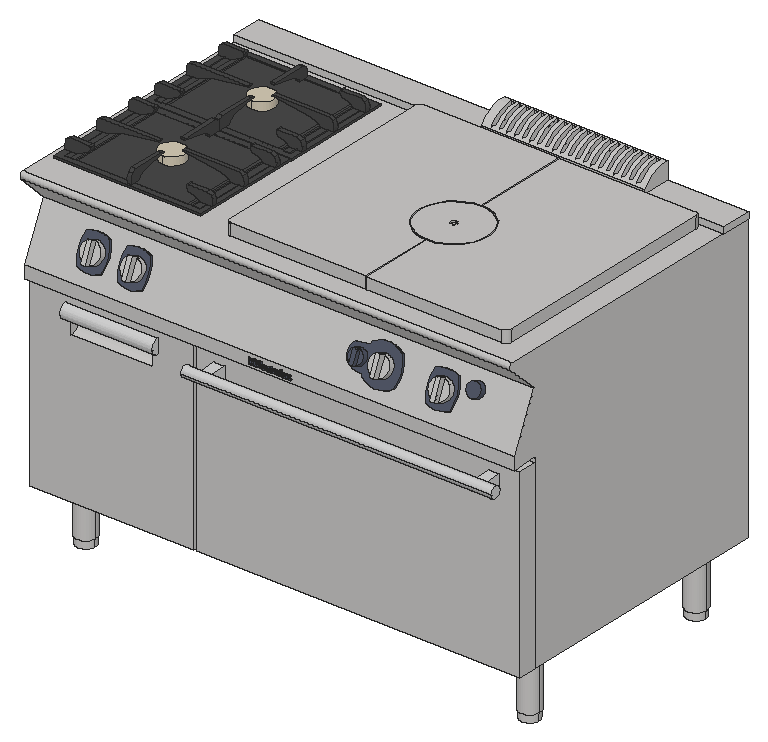
Revit family "QF_ELECTROLUXPROFESSIONAL_371010_E7STGL3010", category Specialty Equipment, Revit 2018
Family settings
  Round Connector Dimension = Use Diameter
  Part Type = Normal
  Work Plane-Based = No
  Always vertical = Yes
  Cut with Voids When Loaded = No
  Shared = No
  Room Calculation Point = No
Parameters
  Width = 1200 mm  # constant formula
  Weight in Pounds = 309  # constant formula
  Watts = 0 W
  URL Cutsheet = "www.electrolux.com"
  URL = "www.electrolux.com"
  Type Mark [instance] = ""
  Status [instance] = ""
  Specification by User [instance] = ""
  Specification by Manufacturer = ""
  Show Logo [instance] = yes
  Show Clearance [instance] = yes
  Serial Number = ""
  Seismic Rating = ""
  SMACNA No = ""
  Revision Code [instance] = ""
  Omniclass Number and Title = ""
  NAFEM Spec ID Number = ""
  Model = "371010"
  Mechanical Remarks [instance] = ""
  Mechanical Connection Type [instance] = ""
  Masterspec = ""
  Manufacturer = "ELECTROLUX"
  Item Number [instance] = ""
  Installed By [instance] = ""
  Identify Quantity as Lot [instance] = yes
  Height = 908.9 mm  # constant formula
  HP = "0 HP"
  Gas Size = 12.7 mm  # 1/2"
  Gas RI Height [instance] = 0 mm
  Gas KW [instance] = 24  # constant formula
  Gas Input [instance] = 23977.9 VA  # 81816.0 Btu/h
  Gas Connection Height = 0 mm
  Furnished By [instance] = ""
  Foodservice Equipment Identifier [instance] = yes
  Direct Waste Size = 0"
  Description = "700XP Gas Solid Top -Gas Oven -2 Burners -Cupboard"
  Depth = 700 mm  # constant formula
  CSI MasterFormat = ""
  CSI Master Format = ""
  Assembly Code = ""
Reference planes
  plane 1 "BACK": y = 0
  plane 2: z = 0
  plane 3 "LEFT": x = 0
  plane 4 "RIGHT": x = 1200
  plane 5 "FRONT": y = -700
  plane 6 "TOP": z = 908.9
  plane 7 "Center Y": x = 600
  plane 8 "Center X": y = -350
  plane 9 "Base": z = 150
  plane 10: z = 850.9
  plane 11: y = -730.129
  plane 12: y = -1109
Forms (mm)
  Revolve 1, solid, material "QF_Finishes_Stainless Steel"
    sketch origin (1, -90, 0) x (1, 0, 0) y (0, 0, 1)
      loop
        line (55, 0) -> (55, 150) -> (29.6, 150) -> (29.6, 19.05) -> (32.1, 19.05) -> (32.1, 0) -> (55, 0)
      axis (55, 0) -> (55, 150)
    angle from 0 to 360
  Revolve 2, solid, material "QF_Finishes_Stainless Steel"
    sketch origin (1, -599.588, 0) x (1, 0, 0) y (0, 0, 1)
      loop
        line (55, 0) -> (55, 150) -> (29.6, 150) -> (29.6, 19.05) -> (32.1, 19.05) -> (32.1, 0) -> (55, 0)
      axis (55, 0) -> (55, 150)
    angle from 0 to 360
  Revolve 3, solid, material "QF_Finishes_Stainless Steel"
    sketch origin (799, -90, 0) x (-1, 0, 0) y (0, 0, -1)
      loop
        line (-345, 0) -> (-367.9, 0) -> (-367.9, -19.05) -> (-370.4, -19.05) -> (-370.4, -150) -> (-345, -150) -> (-345, 0)
      axis (-345, 0) -> (-345, -150)
    angle from 0 to 360
  Revolve 4, solid, material "QF_Finishes_Stainless Steel"
    sketch origin (799, -599.588, 0) x (-1, 0, 0) y (0, 0, -1)
      loop
        line (-345, 0) -> (-367.9, 0) -> (-367.9, -19.05) -> (-370.4, -19.05) -> (-370.4, -150) -> (-345, -150) -> (-345, 0)
      axis (-345, 0) -> (-345, -150)
    angle from 0 to 360
  Extrusion 5, solid, material "QF_Finishes_Stainless Steel"
    sketch origin (0, 0, 576.213) x (0, 1, 0) y (0, 0, 1)
      loop
        line (0, -426.213) -> (0, 274.687) -> (-721.5, 274.687)
        arc (-721.5, 274.687) -> (-729.472, 269.36) -> (-727.602, 259.956) r 8.63
        line (-727.602, 259.956) -> (-658.266, 190.62) -> (-715.962, 65.264) -> (-715.962, 33.966) -> (-655.839, 38.662)
        arc (-655.839, 38.662) -> (-653.314, 37.914) -> (-652.222, 35.518) r 3.175
        line (-652.222, 35.518) -> (-652.222, -426.213) -> (0, -426.213)
    from 0 to 1200
  Extrusion 6, solid, material "QF_Finishes_Stainless Steel"
    sketch origin (0, -652.222, 611.731) x (0, 0, -1) y (1, 0, 0)
      loop
        line (461.731, 408.5) -> (461.731, 1200) -> (9.61, 1200) -> (9.61, 408.5) -> (461.731, 408.5)
      loop
        line (461.731, 0) -> (461.731, 400.5) -> (9.61, 400.5) -> (9.61, 0) -> (461.731, 0)
      loop
        line (95.781, 100.253) -> (95.781, 300.8) -> (44.981, 300.8) -> (44.981, 100.253) -> (95.781, 100.253)
    from 3.175 to 47.778
  Extrusion 7, solid, material "QF_Finishes_Stainless Steel"
    sketch origin (0, 0, 576.213) x (0, 1, 0) y (0, 0, 1)
      loop
        line (0, 274.687) -> (0, 288.975) -> (-76.2, 288.975) -> (-76.2, 274.687) -> (0, 274.687)
    from 0 to 1200
  Extrusion 8, solid, material "QF_Finishes_Stainless Steel"
    sketch origin (0, 0, 150) x (-1, 0, 0) y (0, -1, 0)
      loop
        circle (-1147.613, 464) r 6.35
    from -8.815 to 7.722
  Extrusion 9, solid, material "QF_Finishes_Door Clearance", visible <- "Show Clearance", detail levels coarse
    sketch origin (0, 0, 0) x (0, 1, 0) y (0, 0, 1)
      loop
        line (-1109, 150) -> (-700, 150) -> (-700, 601.405)
        arc (-700, 601.405) -> (-991.543, 454.568) -> (-1109, 150) r 453.603
    from 0 to 1200
  Extrusion 10, solid, material "QF_Finishes_Clearance", visible <- "Show Clearance", detail levels coarse
    sketch origin (0, 0, 0) x (1, 0, 0) y (0, 1, 0)
      loop
        line (-150, -730.129) -> (0, -730.129) -> (0, 0) -> (1200, 0) -> (1200, -730.129) -> (1350, -730.129) -> (1350, 150) -> (-150, 150) -> (-150, -730.129)
    from 0 to 908.85
  Extrusion 11, solid, material "QF_Finishes_Handrails and Railings"
    sketch origin (400, 0, 0) x (0, 1, 0) y (0, 0, 1)
      loop
        line (-700, 580.001) -> (-738.678, 577.296)
        arc (-738.678, 577.296) -> (-739.871, 563.489) -> (-752.981, 558.993) r 12.7
        arc (-752.981, 558.993) -> (-752.44, 558.176) -> (-751.841, 557.401) r 13.441
        arc (-751.841, 557.401) -> (-750.036, 555.955) -> (-747.808, 555.335) r 5.77
        line (-747.808, 555.335) -> (-700, 551.992) -> (-700, 580.001)
    from 50.8 to 76.2
  Extrusion 12, solid, material "QF_Finishes_Handrails and Railings"
    sketch origin (1200, 0, 0) x (0, 1, 0) y (0, 0, -1)
      loop
        line (-700, -580.001) -> (-700, -551.992) -> (-747.808, -555.335)
        arc (-747.808, -555.335) -> (-750.036, -555.955) -> (-751.841, -557.401) r 5.77
        arc (-751.841, -557.401) -> (-752.44, -558.176) -> (-752.981, -558.993) r 13.441
        arc (-752.981, -558.993) -> (-739.871, -563.489) -> (-738.678, -577.296) r 12.7
        line (-738.678, -577.296) -> (-700, -580.001)
    from 50.8 to 76.2
  Extrusion 13, solid, material "QF_Finishes_Handrails and Railings"
    sketch origin (400, 0, 0) x (0, 1, 0) y (0, 0, 1)
      loop
        circle (-749.878, 571.309) r 12.7
    from 19.875 to 780.125
  Extrusion 14, solid, material "QF_Finishes_Handrails and Railings"
    sketch origin (177.525, -443.896, 1933.213) x (0, 0.885087, 0.465426) y (0, -0.465426, 0.885087)
      loop
        arc (-854.629, -1074.965) -> (-878.641, -1082.427) -> (-871.18, -1106.439) r 17.78
        line (-871.18, -1106.439) -> (-854.629, -1074.965)
    from -89.972 to 135.975
  Extrusion 15, solid, material "QF_Finishes_Stainless Steel"
    sketch origin (-22.5, 0, 28.959) x (0, 1, 0) y (0, 0, 1)
      loop
        line (-700, 486.991) -> (-657.087, 486.991) -> (-657.087, 537.791) -> (-678.147, 537.791) -> (-678.147, 511.464)
        arc (-678.147, 511.464) -> (-684.405, 495.059) -> (-700, 486.991) r 24.63
    from 122.753 to 323.3
  Extrusion 16, solid, material "QF_Finishes_Stainless Steel"
    sketch origin (402.6, 0, 850.85) x (0, -1, 0) y (1, 0, 0)
      loop
        arc (82.3, 67.7) -> (86.02, 58.72) -> (95, 55) r 12.7
        line (95, 55) -> (659.6, 55)
        arc (659.6, 55) -> (668.58, 58.72) -> (672.3, 67.7) r 12.7
        line (672.3, 67.7) -> (672.3, 398.413) -> (490.475, 398.413)
        arc (490.475, 398.413) -> (404.92, 314.787) -> (319.519, 398.571) r 85.497
        line (319.519, 398.571) -> (82.3, 398.571) -> (82.3, 67.7)
      loop
        arc (672.3, 732.3) -> (668.58, 741.28) -> (659.6, 745) r 12.7
        line (659.6, 745) -> (95, 745)
        arc (95, 745) -> (86.02, 741.28) -> (82.3, 732.3) r 12.7
        line (82.3, 732.3) -> (82.3, 401.528) -> (319.513, 401.528)
        arc (319.513, 401.528) -> (405.24, 485.459) -> (490.492, 401.047) r 85.5
        line (490.492, 401.047) -> (672.3, 401.047) -> (672.3, 732.3)
      loop
        circle (405, 400) r 82.6
      loop
        circle (405, 400) r 7
    from 0 to 28.575
  Extrusion 17, solid, material "QF_Finishes_Stainless Steel"
    sketch origin (402.6, 0, 850.85) x (0, -1, 0) y (1, 0, 0)
      loop
        circle (405, 400) r 7
    from 0 to 26.981
  Extrusion 18, solid, material "QF_Finishes_Navy Blue"
    sketch origin (462.744, -713.772, 646.186) x (0, 0.418102, 0.9084) y (-1, 0, 0)
      loop
        arc (102.623, -510.47) -> (67.041, -502.846) -> (31.333, -509.853) r 90.5
        arc (31.333, -509.853) -> (24.507, -539.04) -> (31.333, -568.228) r 65.817
        arc (31.333, -568.228) -> (67.04, -575.188) -> (102.623, -567.615) r 91.066
        arc (102.623, -567.615) -> (109.179, -539.043) -> (102.623, -510.47) r 65.546
    from 0 to 3.175
  Extrusion 19, solid, material "QF_Finishes_Stainless Steel"
    sketch origin (841.494, -717.485, 645.711) x (0, 0.418102, 0.9084) y (-1, 0, 0)
      loop
        circle (68.826, -160.963) r 25.4
    from 0 to 12.7
  Extrusion 20, solid, material "QF_Finishes_Stainless Steel"
    sketch origin (841.494, -729.022, 651.021) x (0, 0.418102, 0.9084) y (-1, 0, 0)
      loop
        arc (93.558, -166.749) -> (94.226, -160.963) -> (93.558, -155.177) r 25.4
        line (93.558, -155.177) -> (44.094, -155.177)
        arc (44.094, -155.177) -> (43.426, -160.963) -> (44.094, -166.749) r 25.4
        line (44.094, -166.749) -> (93.558, -166.749)
    from 0 to 12.7
  Extrusion 21, solid, material "QF_Finishes_Navy Blue"
    sketch origin (762.014, -703.319, 668.896) x (0, 0.418102, 0.9084) y (-1, 0, 0)
      loop
        circle (65.471, -315.169) r 17.78
    from 0 to 12.7
  Extrusion 22, solid, material "QF_Finishes_Navy Blue"
    sketch origin (315.287, -713.772, 646.186) x (0, 0.418102, 0.9084) y (-1, 0, 0)
      loop
        arc (104.355, -502.587) -> (101.326, -501.258) -> (98.25, -500.039) r 91.066
        arc (98.25, -500.039) -> (96.592, -482.449) -> (93.213, -465.107) r 179.528
        arc (93.213, -465.107) -> (69.244, -452.795) -> (45.274, -465.107) r 29.489
        arc (45.274, -465.107) -> (38.909, -481.441) -> (37.449, -498.912) r 61.044
        arc (37.449, -498.912) -> (34.471, -499.962) -> (31.532, -501.116) r 91.066
        arc (31.532, -501.116) -> (19.517, -540.223) -> (32.929, -578.873) r 65.817
        arc (32.929, -578.873) -> (68.105, -585.173) -> (102.996, -577.452) r 91.066
        arc (102.996, -577.452) -> (115.418, -540.233) -> (104.355, -502.587) r 65.546
    from 0 to 3.175
  Extrusion 23, solid, material "QF_Finishes_Stainless Steel"
    sketch origin (694.037, -717.485, 645.711) x (0, 0.418102, 0.9084) y (-1, 0, 0)
      loop
        circle (68.826, -160.963) r 25.4
    from 0 to 12.7
  Extrusion 24, solid, material "QF_Finishes_Stainless Steel"
    sketch origin (694.037, -729.022, 651.021) x (0, 0.418102, 0.9084) y (-1, 0, 0)
      loop
        arc (93.558, -166.749) -> (94.226, -160.963) -> (93.558, -155.177) r 25.4
        line (93.558, -155.177) -> (44.094, -155.177)
        arc (44.094, -155.177) -> (43.426, -160.963) -> (44.094, -166.749) r 25.4
        line (44.094, -166.749) -> (93.558, -166.749)
    from 0 to 12.7
  Extrusion 25, solid, material "QF_Finishes_Navy Blue"
    sketch origin (636.537, -717.485, 645.711) x (0, 0.418102, 0.9084) y (-1, 0, 0)
      loop
        circle (68.826, -160.963) r 18.37
    from 0 to 12.7
  Extrusion 26, solid, material "QF_Finishes_Navy Blue"
    sketch origin (635.246, -729.022, 651.021) x (0, 0.418102, 0.9084) y (-1, 0, 0)
      loop
        arc (84.808, -167.687) -> (85.476, -161.901) -> (84.808, -156.114) r 25.4
        line (84.808, -156.114) -> (52.844, -156.114)
        arc (52.844, -156.114) -> (52.176, -161.901) -> (52.844, -167.687) r 25.4
        line (52.844, -167.687) -> (84.808, -167.687)
    from 0 to 8.112
  Extrusion 27, solid, material "QF_Finishes_Navy Blue"
    sketch origin (-392.256, -713.772, 646.186) x (0, 0.418102, 0.9084) y (-1, 0, 0)
      loop
        arc (102.623, -510.47) -> (67.041, -502.846) -> (31.333, -509.853) r 90.5
        arc (31.333, -509.853) -> (24.507, -539.04) -> (31.333, -568.228) r 65.817
        arc (31.333, -568.228) -> (67.04, -575.188) -> (102.623, -567.615) r 91.066
        arc (102.623, -567.615) -> (109.179, -539.043) -> (102.623, -510.47) r 65.546
    from 0 to 3.175
  Extrusion 28, solid, material "QF_Finishes_Stainless Steel"
    sketch origin (-13.506, -717.485, 645.711) x (0, 0.418102, 0.9084) y (-1, 0, 0)
      loop
        circle (68.826, -160.963) r 25.4
    from 0 to 12.7
  Extrusion 29, solid, material "QF_Finishes_Stainless Steel"
    sketch origin (-13.506, -729.022, 651.021) x (0, 0.418102, 0.9084) y (-1, 0, 0)
      loop
        arc (93.558, -166.749) -> (94.226, -160.963) -> (93.558, -155.177) r 25.4
        line (93.558, -155.177) -> (44.094, -155.177)
        arc (44.094, -155.177) -> (43.426, -160.963) -> (44.094, -166.749) r 25.4
        line (44.094, -166.749) -> (93.558, -166.749)
    from 0 to 12.7
  Extrusion 30, solid, material "QF_Finishes_Navy Blue"
    sketch origin (-292.256, -713.772, 646.186) x (0, 0.418102, 0.9084) y (-1, 0, 0)
      loop
        arc (102.623, -510.47) -> (67.041, -502.846) -> (31.333, -509.853) r 90.5
        arc (31.333, -509.853) -> (24.507, -539.04) -> (31.333, -568.228) r 65.817
        arc (31.333, -568.228) -> (67.04, -575.188) -> (102.623, -567.615) r 91.066
        arc (102.623, -567.615) -> (109.179, -539.043) -> (102.623, -510.47) r 65.546
    from 0 to 3.175
  Extrusion 31, solid, material "QF_Finishes_Stainless Steel"
    sketch origin (86.494, -717.485, 645.711) x (0, 0.418102, 0.9084) y (-1, 0, 0)
      loop
        circle (68.826, -160.963) r 25.4
    from 0 to 12.7
  Extrusion 32, solid, material "QF_Finishes_Stainless Steel"
    sketch origin (86.494, -729.022, 651.021) x (0, 0.418102, 0.9084) y (-1, 0, 0)
      loop
        arc (93.558, -166.749) -> (94.226, -160.963) -> (93.558, -155.177) r 25.4
        line (93.558, -155.177) -> (44.094, -155.177)
        arc (44.094, -155.177) -> (43.426, -160.963) -> (44.094, -166.749) r 25.4
        line (44.094, -166.749) -> (93.558, -166.749)
    from 0 to 12.7
  Extrusion 33, void
    sketch origin (-62.611, 0, 865.138) x (-1, 0, 0) y (0, -1, 0)
      loop
        line (-695.005, 6.761) -> (-685.709, 6.761) -> (-685.709, 63.911) -> (-695.005, 63.911) -> (-695.005, 6.761)
      loop
        line (-713.697, 6.761) -> (-704.401, 6.761) -> (-704.401, 63.911) -> (-713.697, 63.911) -> (-713.697, 6.761)
      loop
        line (-732.39, 6.761) -> (-723.094, 6.761) -> (-723.094, 63.911) -> (-732.39, 63.911) -> (-732.39, 6.761)
      loop
        line (-751.082, 6.761) -> (-741.787, 6.761) -> (-741.787, 63.911) -> (-751.082, 63.911) -> (-751.082, 6.761)
      loop
        line (-769.775, 6.761) -> (-760.479, 6.761) -> (-760.479, 63.911) -> (-769.775, 63.911) -> (-769.775, 6.761)
      loop
        line (-788.468, 6.761) -> (-779.172, 6.761) -> (-779.172, 63.911) -> (-788.468, 63.911) -> (-788.468, 6.761)
      loop
        line (-807.16, 6.761) -> (-797.864, 6.761) -> (-797.864, 63.911) -> (-807.16, 63.911) -> (-807.16, 6.761)
      loop
        line (-825.853, 6.761) -> (-816.557, 6.761) -> (-816.557, 63.911) -> (-825.853, 63.911) -> (-825.853, 6.761)
      loop
        line (-844.545, 6.761) -> (-835.25, 6.761) -> (-835.25, 63.911) -> (-844.545, 63.911) -> (-844.545, 6.761)
      loop
        line (-863.238, 6.761) -> (-853.942, 6.761) -> (-853.942, 63.911) -> (-863.238, 63.911) -> (-863.238, 6.761)
      loop
        line (-881.931, 6.761) -> (-872.635, 6.761) -> (-872.635, 63.911) -> (-881.931, 63.911) -> (-881.931, 6.761)
      loop
        line (-900.623, 6.761) -> (-891.328, 6.761) -> (-891.328, 63.911) -> (-900.623, 63.911) -> (-900.623, 6.761)
      loop
        line (-919.316, 6.761) -> (-910.02, 6.761) -> (-910.02, 63.911) -> (-919.316, 63.911) -> (-919.316, 6.761)
      loop
        line (-938.008, 6.761) -> (-928.713, 6.761) -> (-928.713, 63.911) -> (-938.008, 63.911) -> (-938.008, 6.761)
      loop
        line (-956.701, 6.761) -> (-947.405, 6.761) -> (-947.405, 63.911) -> (-956.701, 63.911) -> (-956.701, 6.761)
      loop
        line (-975.394, 6.761) -> (-966.098, 6.761) -> (-966.098, 63.911) -> (-975.394, 63.911) -> (-975.394, 6.761)
      loop
        line (-994.086, 6.761) -> (-984.791, 6.761) -> (-984.791, 63.911) -> (-994.086, 63.911) -> (-994.086, 6.761)
      loop
        line (-1012.779, 6.761) -> (-1003.483, 6.761) -> (-1003.483, 63.911) -> (-1012.779, 63.911) -> (-1012.779, 6.761)
      loop
        line (-1031.472, 6.761) -> (-1022.176, 6.761) -> (-1022.176, 63.911) -> (-1031.472, 63.911) -> (-1031.472, 6.761)
      loop
        line (-1050.164, 6.761) -> (-1040.868, 6.761) -> (-1040.868, 63.911) -> (-1050.164, 63.911) -> (-1050.164, 6.761)
    from 9.525 to 45.348
  Extrusion 34, solid, material "QF_Finishes_Stainless Steel"
    sketch origin (202.4, 0, 590.5) x (0, 1, 0) y (0, 0, 1)
      loop
        line (0, 274.688) -> (0, 318.4)
        arc (0, 318.4) -> (-39.072, 309.779) -> (-69.85, 284.212) r 84.854
        line (-69.85, 284.212) -> (-69.85, 274.688) -> (0, 274.688)
    from 400 to 800
  Extrusion 35, solid, material "QF_Finishes_Navy Blue", visible <- "Show Logo"
    sketch origin (261.109, -715.962, 610.773) x (0, 0, 1) y (-1, 0, 0)
      loop
        line (20.674, -296.698) -> (8.307, -296.698)
        arc (8.307, -296.698) -> (14.491, -301.27) -> (20.674, -296.698) r 6.467
      loop
        arc (20.674, -296.069) -> (19.505, -290.926) -> (14.849, -288.448) r 6.338
        line (14.849, -288.448) -> (14.849, -290.494)
        arc (14.849, -290.494) -> (16.333, -294.149) -> (19.778, -296.069) r 5.941
        line (19.778, -296.069) -> (20.674, -296.069)
      loop
        arc (9.203, -296.069) -> (12.648, -294.149) -> (14.132, -290.494) r 5.941
        line (14.132, -290.494) -> (14.132, -288.448)
        arc (14.132, -288.448) -> (9.438, -290.922) -> (8.148, -296.069) r 6.504
        line (8.148, -296.069) -> (9.203, -296.069)
      loop
        line (21.349, -287.979) -> (7.604, -287.979) -> (7.604, -301.742) -> (21.349, -301.742) -> (21.349, -287.979)
      loop
        arc (21.432, -304.71) -> (21.085, -304.352) -> (20.718, -304.69) r 0.358
        arc (20.718, -304.69) -> (20.404, -305.44) -> (19.687, -305.825) r 1.216
        line (19.687, -305.825) -> (9.274, -305.825)
        arc (9.274, -305.825) -> (8.614, -305.548) -> (8.218, -304.951) r 1.238
        arc (8.218, -304.951) -> (7.823, -304.7) -> (7.518, -305.054) r 0.358
        line (7.518, -305.054) -> (7.518, -314.933) -> (10.269, -314.933) -> (10.269, -314.036)
        arc (10.269, -314.036) -> (9.36, -313.456) -> (8.904, -312.479) r 1.928
        line (8.904, -312.479) -> (8.904, -309.98)
        arc (8.904, -309.98) -> (9.18, -309.251) -> (9.868, -308.887) r 1.101
        line (9.868, -308.887) -> (13.955, -308.887) -> (13.955, -312.561)
        arc (13.955, -312.561) -> (13.602, -313.058) -> (13.037, -313.286) r 1.083
        arc (13.037, -313.286) -> (12.773, -313.591) -> (13.065, -313.869) r 0.292
        line (13.065, -313.869) -> (16.028, -313.869)
        arc (16.028, -313.869) -> (16.33, -313.596) -> (16.092, -313.266) r 0.305
        arc (16.092, -313.266) -> (15.601, -313.018) -> (15.296, -312.561) r 1.083
        line (15.296, -312.561) -> (15.296, -308.887) -> (19.973, -308.887) -> (19.973, -312.635)
        arc (19.973, -312.635) -> (19.759, -313.39) -> (19.153, -313.888) r 1.314
        arc (19.153, -313.888) -> (18.934, -314.292) -> (19.288, -314.585) r 0.361
        line (19.288, -314.585) -> (21.432, -314.585) -> (21.432, -304.71)
      loop
        arc (20.715, -315.365) -> (20.335, -316.284) -> (19.416, -316.664) r 1.299
        line (19.416, -316.664) -> (9.837, -316.664)
        arc (9.837, -316.664) -> (8.999, -316.286) -> (8.728, -315.408) r 1.118
        line (8.728, -315.408) -> (7.518, -315.408) -> (7.518, -320.758) -> (8.706, -320.758)
        arc (8.706, -320.758) -> (8.978, -319.841) -> (9.848, -319.445) r 1.153
        line (9.848, -319.445) -> (21.92, -319.445) -> (20.715, -315.365)
      loop
        line (12.483, -323.394) -> (12.483, -329.842) -> (13.282, -329.842)
        arc (13.282, -329.842) -> (15.862, -328.857) -> (17.131, -326.404) r 3.874
        line (17.131, -326.404) -> (17.131, -324.643)
        arc (17.131, -324.643) -> (15.944, -321.778) -> (13.08, -320.592) r 4.051
        line (13.08, -320.592) -> (11.072, -320.592)
        arc (11.072, -320.592) -> (8.253, -322.077) -> (7.202, -325.084) r 4.352
        arc (7.202, -325.084) -> (7.566, -327.547) -> (8.943, -329.621) r 5.713
        line (8.943, -329.621) -> (9.892, -329.621)
        arc (9.892, -329.621) -> (9.16, -328.052) -> (8.943, -326.334) r 5.579
        arc (8.943, -326.334) -> (9.737, -324.371) -> (11.616, -323.394) r 3.057
        line (11.616, -323.394) -> (12.483, -323.394)
      loop
        line (13.742, -323.394) -> (13.742, -326.977)
        arc (13.742, -326.977) -> (15.199, -327.024) -> (16.082, -325.864) r 1.59
        line (16.082, -325.864) -> (16.082, -325.034)
        arc (16.082, -325.034) -> (15.217, -323.779) -> (13.742, -323.394) r 2.184
      loop
        arc (16.533, -339.259) -> (17.022, -337.585) -> (17.179, -335.848) r 9.023
        line (17.179, -335.848) -> (17.179, -334.486)
        arc (17.179, -334.486) -> (16.02, -331.686) -> (13.22, -330.527) r 3.959
        line (13.22, -330.527) -> (10.62, -330.527)
        arc (10.62, -330.527) -> (8.338, -331.819) -> (7.221, -334.192) r 4.331
        line (7.221, -334.192) -> (7.221, -336.327)
        arc (7.221, -336.327) -> (7.729, -337.877) -> (8.651, -339.223) r 5.772
        arc (8.651, -339.223) -> (9.412, -339.274) -> (9.499, -338.515) r 0.553
        arc (9.499, -338.515) -> (9.111, -337.781) -> (8.977, -336.962) r 2.573
        line (8.977, -336.962) -> (8.977, -335.447)
        arc (8.977, -335.447) -> (9.983, -333.806) -> (11.798, -333.163) r 2.884
        line (11.798, -333.163) -> (13.077, -333.163)
        arc (13.077, -333.163) -> (14.898, -333.723) -> (15.824, -335.388) r 2.554
        line (15.824, -335.388) -> (15.824, -336.441)
        arc (15.824, -336.441) -> (15.493, -337.369) -> (14.836, -338.104) r 2.564
        arc (14.836, -338.104) -> (14.614, -338.821) -> (15.223, -339.259) r 0.643
        line (15.223, -339.259) -> (16.533, -339.259)
      loop
        line (15.515, -339.53) -> (15.515, -341.031) -> (9.467, -341.031)
        arc (9.467, -341.031) -> (7.879, -341.688) -> (7.221, -343.276) r 2.246
        line (7.221, -343.276) -> (7.221, -344.86)
        arc (7.221, -344.86) -> (7.535, -345.725) -> (8.035, -346.496) r 4.06
        arc (8.035, -346.496) -> (8.768, -346.629) -> (9.019, -345.928) r 0.576
        arc (9.019, -345.928) -> (8.913, -345.403) -> (8.977, -344.87) r 1.69
        arc (8.977, -344.87) -> (9.519, -344.082) -> (10.425, -343.779) r 1.506
        line (10.425, -343.779) -> (15.563, -343.779) -> (15.563, -346.176) -> (16.119, -346.733) -> (16.941, -346.733) -> (16.941, -343.873) -> (20.172, -343.873) -> (15.515, -339.53)
      loop
        line (7.438, -347.63) -> (7.438, -353.017) -> (8.548, -353.017)
        arc (8.548, -353.017) -> (8.942, -352.066) -> (9.893, -351.672) r 1.345
        line (9.893, -351.672) -> (13.509, -351.672)
        arc (13.509, -351.672) -> (14.274, -352.264) -> (14.564, -353.186) r 1.615
        line (14.564, -353.186) -> (14.564, -354.742) -> (17.119, -355.427) -> (17.119, -354.044) -> (15.177, -351.485) -> (17.057, -351.485) -> (16.773, -348.779)
        arc (16.773, -348.779) -> (16.333, -348.249) -> (15.674, -348.45) r 0.621
        arc (15.674, -348.45) -> (15.274, -348.792) -> (14.78, -348.975) r 1.501
        line (14.78, -348.975) -> (9.893, -348.975)
        arc (9.893, -348.975) -> (8.942, -348.581) -> (8.548, -347.63) r 1.345
        line (8.548, -347.63) -> (7.438, -347.63)
      loop
        line (13.54, -354.964) -> (10.848, -354.964)
        arc (10.848, -354.964) -> (8.403, -356.272) -> (7.269, -358.803) r 4.288
        arc (7.269, -358.803) -> (7.205, -360.183) -> (7.269, -361.563) r 15.022
        arc (7.269, -361.563) -> (8.403, -364.094) -> (10.848, -365.401) r 4.288
        line (10.848, -365.401) -> (13.54, -365.401)
        arc (13.54, -365.401) -> (15.986, -364.094) -> (17.119, -361.563) r 4.288
        arc (17.119, -361.563) -> (17.183, -360.183) -> (17.119, -358.803) r 15.022
        arc (17.119, -358.803) -> (15.986, -356.272) -> (13.54, -354.964) r 4.288
      loop
        line (13.745, -358.078) -> (10.643, -358.078)
        arc (10.643, -358.078) -> (8.486, -360.235) -> (10.643, -362.392) r 2.157
        line (10.643, -362.392) -> (13.745, -362.392)
        arc (13.745, -362.392) -> (15.902, -360.235) -> (13.745, -358.078) r 2.157
      loop
        arc (20.726, -365.26) -> (20.355, -366.154) -> (19.461, -366.524) r 1.264
        line (19.461, -366.524) -> (9.597, -366.524)
        arc (9.597, -366.524) -> (8.727, -366.127) -> (8.455, -365.211) r 1.153
        line (8.455, -365.211) -> (7.518, -365.211) -> (7.518, -370.319) -> (8.446, -370.319)
        arc (8.446, -370.319) -> (8.805, -369.547) -> (9.597, -369.232) r 1.153
        line (9.597, -369.232) -> (21.92, -369.232) -> (20.726, -365.26)
      loop
        arc (15.846, -369.857) -> (15.647, -370.921) -> (14.678, -371.403) r 1.215
        line (14.678, -371.403) -> (9.658, -371.403)
        arc (9.658, -371.403) -> (8.043, -372.051) -> (7.322, -373.634) r 2.338
        line (7.322, -373.634) -> (7.322, -375.148)
        arc (7.322, -375.148) -> (7.497, -376.152) -> (7.999, -377.038) r 2.979
        line (7.999, -377.038) -> (7.518, -378.835) -> (7.518, -380.524) -> (16.943, -380.524) -> (16.649, -376.32) -> (15.863, -376.32)
        arc (15.863, -376.32) -> (15.507, -377.156) -> (14.755, -377.665) r 1.605
        line (14.755, -377.665) -> (9.652, -377.665)
        arc (9.652, -377.665) -> (9.232, -376.728) -> (9.159, -375.704) r 2.94
        arc (9.159, -375.704) -> (9.72, -374.603) -> (10.873, -374.16) r 1.724
        line (10.873, -374.16) -> (17.07, -374.16) -> (15.846, -369.857)
      loop
        line (16.874, -381.377) -> (15.202, -383.423) -> (12.028, -385.729) -> (8.572, -382.617)
        arc (8.572, -382.617) -> (8.335, -382.223) -> (8.357, -381.764) r 0.789
        line (8.357, -381.764) -> (7.518, -381.764) -> (7.518, -385.309) -> (8.344, -385.309)
        arc (8.344, -385.309) -> (8.686, -384.947) -> (9.176, -385.039) r 0.52
        line (9.176, -385.039) -> (10.976, -386.51) -> (8.858, -387.886)
        arc (8.858, -387.886) -> (8.457, -387.576) -> (8.37, -387.076) r 0.7
        line (8.37, -387.076) -> (7.518, -387.076) -> (7.518, -393.003) -> (8.405, -393.003)
        arc (8.405, -393.003) -> (8.472, -392.344) -> (8.866, -391.813) r 1.247
        line (8.866, -391.813) -> (13.066, -388.532) -> (15.513, -390.585) -> (16.874, -392.327) -> (16.874, -388.604) -> (15.389, -389.026) -> (13.868, -387.749) -> (15.568, -386.559) -> (16.874, -387.336) -> (16.874, -381.377)
    from 0 to 1.644
Cuts and joins
  Extrusion 33 cuts Extrusion 7
  joined: Extrusion 6, Extrusion 15
  Extrusion 33 cuts Extrusion 10
  Extrusion 33 cuts Extrusion 34
Lines and regions (mm)
  symbolic lines, style "QF-Door Swings"
    curve 1: line (0, -730.129, 150) -> (0, -1109, 150)
    curve 2: line (0, -1109, 150) -> (1200, -1109, 150)
    curve 3: line (1200, -1109, 150) -> (1200, -730.129, 150)
  symbolic lines
    curve 4: line (1200, -730.129, 150) -> (0, -730.129, 150)
    curve 5: line (0, 0, 150) -> (0, -730.129, 150)
    curve 6: line (0, -69.85, 150) -> (1200, -69.85, 150)
    curve 7: line (0, -76.2, 150) -> (1200, -76.2, 150)
    curve 8: line (1200, -730.129, 150) -> (1200, 0, 150)
    curve 9: line (0, 0, 150) -> (1200, 0, 150)
    curve 13: line (1180.125, -762.578, 150) -> (419.875, -762.578, 150)
    curve 14: line (1180.125, -737.178, 150) -> (1180.125, -762.578, 150)
    curve 15: line (1149.2, -738.678, 150) -> (1149.2, -730.129, 150)
    curve 16: line (1123.8, -738.678, 150) -> (1123.8, -730.129, 150)
    curve 17: line (1123.8, -738.678, 150) -> (1149.2, -738.678, 150)
    curve 18: line (419.875, -737.178, 150) -> (450.8, -737.178, 150)
    curve 19: line (1149.2, -737.178, 150) -> (1180.125, -737.178, 150)
    curve 20: line (632.394, -6.761, 150) -> (632.394, -63.911, 150)
    curve 21: line (632.394, -63.911, 150) -> (623.098, -63.911, 150)
    curve 22: line (623.098, -63.911, 150) -> (623.098, -6.761, 150)
    curve 23: line (623.098, -6.761, 150) -> (632.394, -6.761, 150)
    curve 24: line (838.012, -6.761, 150) -> (838.012, -63.911, 150)
    curve 25: line (838.012, -63.911, 150) -> (828.717, -63.911, 150)
    curve 26: line (828.717, -63.911, 150) -> (828.717, -6.761, 150)
    curve 27: line (828.717, -6.761, 150) -> (838.012, -6.761, 150)
    curve 28: line (819.32, -6.761, 150) -> (819.32, -63.911, 150)
    curve 29: line (819.32, -63.911, 150) -> (810.024, -63.911, 150)
    curve 30: line (810.024, -63.911, 150) -> (810.024, -6.761, 150)
    curve 31: line (810.024, -6.761, 150) -> (819.32, -6.761, 150)
    curve 32: line (800.627, -6.761, 150) -> (800.627, -63.911, 150)
    curve 33: line (800.627, -63.911, 150) -> (791.331, -63.911, 150)
    curve 34: line (791.331, -63.911, 150) -> (791.331, -6.761, 150)
    curve 35: line (791.331, -6.761, 150) -> (800.627, -6.761, 150)
    curve 36: line (781.934, -6.761, 150) -> (781.934, -63.911, 150)
    curve 37: line (781.934, -63.911, 150) -> (772.639, -63.911, 150)
    curve 38: line (772.639, -63.911, 150) -> (772.639, -6.761, 150)
    curve 39: line (772.639, -6.761, 150) -> (781.934, -6.761, 150)
    curve 40: line (763.242, -6.761, 150) -> (763.242, -63.911, 150)
    curve 41: line (763.242, -63.911, 150) -> (753.946, -63.911, 150)
    curve 42: line (753.946, -63.911, 150) -> (753.946, -6.761, 150)
    curve 43: line (753.946, -6.761, 150) -> (763.242, -6.761, 150)
    curve 44: line (744.549, -6.761, 150) -> (744.549, -63.911, 150)
    curve 45: line (744.549, -63.911, 150) -> (735.253, -63.911, 150)
    curve 46: line (735.253, -63.911, 150) -> (735.253, -6.761, 150)
    curve 47: line (735.253, -6.761, 150) -> (744.549, -6.761, 150)
    curve 48: line (725.857, -6.761, 150) -> (725.857, -63.911, 150)
    curve 49: line (725.857, -63.911, 150) -> (716.561, -63.911, 150)
    curve 50: line (716.561, -63.911, 150) -> (716.561, -6.761, 150)
    curve 51: line (716.561, -6.761, 150) -> (725.857, -6.761, 150)
    curve 52: line (707.164, -6.761, 150) -> (707.164, -63.911, 150)
    curve 53: line (707.164, -63.911, 150) -> (697.868, -63.911, 150)
    curve 54: line (697.868, -63.911, 150) -> (697.868, -6.761, 150)
    curve 55: line (697.868, -6.761, 150) -> (707.164, -6.761, 150)
    curve 56: line (688.471, -6.761, 150) -> (688.471, -63.911, 150)
    curve 57: line (688.471, -63.911, 150) -> (679.176, -63.911, 150)
    curve 58: line (679.176, -63.911, 150) -> (679.176, -6.761, 150)
    curve 59: line (679.176, -6.761, 150) -> (688.471, -6.761, 150)
    curve 60: line (669.779, -6.761, 150) -> (669.779, -63.911, 150)
    curve 61: line (669.779, -63.911, 150) -> (660.483, -63.911, 150)
    curve 62: line (660.483, -63.911, 150) -> (660.483, -6.761, 150)
    curve 63: line (660.483, -6.761, 150) -> (669.779, -6.761, 150)
    curve 64: line (651.086, -6.761, 150) -> (651.086, -63.911, 150)
    curve 65: line (651.086, -63.911, 150) -> (641.79, -63.911, 150)
    curve 66: line (641.79, -63.911, 150) -> (641.79, -6.761, 150)
    curve 67: line (641.79, -6.761, 150) -> (651.086, -6.761, 150)
    curve 68: line (987.553, -6.761, 150) -> (987.553, -63.911, 150)
    curve 69: line (987.553, -63.911, 150) -> (978.257, -63.911, 150)
    curve 70: line (978.257, -63.911, 150) -> (978.257, -6.761, 150)
    curve 71: line (978.257, -6.761, 150) -> (987.553, -6.761, 150)
    curve 72: line (968.861, -6.761, 150) -> (968.861, -63.911, 150)
    curve 73: line (968.861, -63.911, 150) -> (959.565, -63.911, 150)
    curve 74: line (959.565, -63.911, 150) -> (959.565, -6.761, 150)
    curve 75: line (959.565, -6.761, 150) -> (968.861, -6.761, 150)
    curve 76: line (950.168, -6.761, 150) -> (950.168, -63.911, 150)
    curve 77: line (950.168, -63.911, 150) -> (940.872, -63.911, 150)
    curve 78: line (940.872, -63.911, 150) -> (940.872, -6.761, 150)
    curve 79: line (940.872, -6.761, 150) -> (950.168, -6.761, 150)
    curve 80: line (931.475, -6.761, 150) -> (931.475, -63.911, 150)
    curve 81: line (931.475, -63.911, 150) -> (922.18, -63.911, 150)
    curve 82: line (922.18, -63.911, 150) -> (922.18, -6.761, 150)
    curve 83: line (922.18, -6.761, 150) -> (931.475, -6.761, 150)
    curve 84: line (912.783, -6.761, 150) -> (912.783, -63.911, 150)
    curve 85: line (912.783, -63.911, 150) -> (903.487, -63.911, 150)
    curve 86: line (903.487, -63.911, 150) -> (903.487, -6.761, 150)
    curve 87: line (903.487, -6.761, 150) -> (912.783, -6.761, 150)
    curve 88: line (894.09, -6.761, 150) -> (894.09, -63.911, 150)
    curve 89: line (894.09, -63.911, 150) -> (884.794, -63.911, 150)
    curve 90: line (884.794, -63.911, 150) -> (884.794, -6.761, 150)
    curve 91: line (884.794, -6.761, 150) -> (894.09, -6.761, 150)
    curve 92: line (875.397, -6.761, 150) -> (875.397, -63.911, 150)
    curve 93: line (875.397, -63.911, 150) -> (866.102, -63.911, 150)
    curve 94: line (866.102, -63.911, 150) -> (866.102, -6.761, 150)
    curve 95: line (866.102, -6.761, 150) -> (875.397, -6.761, 150)
    curve 96: line (856.705, -6.761, 150) -> (856.705, -63.911, 150)
    curve 97: line (856.705, -63.911, 150) -> (847.409, -63.911, 150)
    curve 98: line (847.409, -63.911, 150) -> (847.409, -6.761, 150)
    curve 99: line (847.409, -6.761, 150) -> (856.705, -6.761, 150)
    curve 100: line (1002.4, -69.85, 150) -> (1002.4, 0, 150)
    curve 101: line (602.4, -69.85, 150) -> (602.4, 0, 150)
    curve 102: line (801.171, -82.3, 150) -> (470.3, -82.3, 150)
    curve 103: arc (470.3, -82.3, 150) -> (461.32, -86.02, 150) -> (457.6, -95, 150) r 12.7
    curve 104: line (457.6, -95, 150) -> (457.6, -659.6, 150)
    curve 105: arc (457.6, -659.6, 150) -> (461.32, -668.58, 150) -> (470.3, -672.3, 150) r 12.7
    curve 106: line (470.3, -672.3, 150) -> (801.013, -672.3, 150)
    curve 107: line (801.013, -672.3, 150) -> (801.013, -490.475, 150)
    curve 108: arc (801.013, -490.475, 150) -> (717.387, -404.92, 150) -> (801.171, -319.519, 150) r 85.497
    curve 109: line (801.171, -319.519, 150) -> (801.171, -82.3, 150)
    curve 110: line (1134.9, -82.3, 150) -> (804.128, -82.3, 150)
    curve 111: line (804.128, -82.3, 150) -> (804.128, -319.513, 150)
    curve 112: arc (804.128, -319.513, 150) -> (888.059, -405.24, 150) -> (803.647, -490.492, 150) r 85.5
    curve 113: line (803.647, -490.492, 150) -> (803.647, -672.3, 150)
    curve 114: line (803.647, -672.3, 150) -> (1134.9, -672.3, 150)
    curve 115: arc (1134.9, -672.3, 150) -> (1143.88, -668.58, 150) -> (1147.6, -659.6, 150) r 12.7
    curve 116: line (1147.6, -659.6, 150) -> (1147.6, -95, 150)
    curve 117: arc (1147.6, -95, 150) -> (1143.88, -86.02, 150) -> (1134.9, -82.3, 150) r 12.7
    curve 118: arc (802.6, -322.4, 150) -> (720, -405, 150) -> (802.6, -487.6, 150) r 82.6
    curve 119: arc (802.6, -487.6, 150) -> (885.2, -405, 150) -> (802.6, -322.4, 150) r 82.6
    curve 120: arc (802.6, -398, 150) -> (809.6, -405, 150) -> (802.6, -412, 150) r 7
    curve 121: arc (802.6, -412, 150) -> (795.6, -405, 150) -> (802.6, -398, 150) r 7
    curve 122: line (450.8, -738.678, 150) -> (450.8, -730.129, 150)
    curve 123: line (476.2, -730.129, 150) -> (476.2, -738.678, 150)
    curve 124: line (419.875, -737.178, 150) -> (450.8, -737.178, 150)
    curve 125: line (419.875, -762.578, 150) -> (419.875, -737.178, 150)
    curve 126: line (450.8, -738.678, 150) -> (476.2, -738.678, 150)
    curve 127: line (476.2, -737.178, 150) -> (1123.8, -737.178, 150)
  symbolic lines, style "QF-Clearances", visible <- "Show Clearance", detail levels coarse
    curve 10: line (-150, -730.129, 150) -> (-150, 150, 150)
    curve 11: line (-150, 150, 150) -> (1350, 150, 150)
    curve 12: line (1350, 150, 150) -> (1350, -730.129, 150)
Dimensions and locks
  equal spacing: plane 3 "LEFT", plane 7 "Center Y", plane 4 "RIGHT"
  "Width": plane 3 "LEFT" to plane 4 "RIGHT"
  equal spacing: plane 5 "FRONT", plane 8 "Center X", plane 1 "BACK"
  "Depth": plane 5 "FRONT" to plane 1 "BACK"
  "Height": plane 6 "TOP" to level
  plane 9 "Base" to level = 150 mm
  plane 6 "TOP" to plane 10 = 58 mm  (x2)
  plane 1 "BACK" to plane 11 = 730.129 mm
  plane 1 "BACK" to plane 12 = 1109 mm
  aligned and locked: level to plane 2
Automatic sketch dimensions
  Revolve 1 sketch curve to plane 9 "Base" = 0 mm  (x2)
  Revolve 1 sketch curve to level = 0 mm
  plane 3 "LEFT" to Revolve 1 sketch curve = 30.6 mm
  Revolve 1 sketch curve to Revolve 1 sketch curve = 2.5 mm
  Revolve 1 sketch curve to Revolve 1 sketch curve = 25.4 mm
  Revolve 1 sketch curve to Revolve 1 sketch curve = 0 mm
  level to Revolve 1 sketch curve = 19.05 mm
  plane 9 "Base" to Revolve 1 sketch curve = 20 mm
  Revolve 2 sketch curve to plane 9 "Base" = 0 mm  (x2)
  Revolve 2 sketch curve to level = 0 mm
  plane 3 "LEFT" to Revolve 2 sketch curve = 30.6 mm
  Revolve 2 sketch curve to Revolve 2 sketch curve = 2.5 mm
  Revolve 2 sketch curve to Revolve 2 sketch curve = 25.4 mm
  Revolve 2 sketch curve to Revolve 2 sketch curve = 0 mm
  level to Revolve 2 sketch curve = 19.05 mm
  plane 9 "Base" to Revolve 2 sketch curve = 20 mm
  Revolve 3 sketch curve to plane 9 "Base" = 0 mm  (x2)
  Revolve 3 sketch curve to level = 0 mm
  Revolve 3 sketch curve to plane 4 "RIGHT" = 30.6 mm
  Revolve 3 sketch curve to Revolve 3 sketch curve = 2.5 mm
  Revolve 3 sketch curve to Revolve 3 sketch curve = 25.4 mm
  Revolve 3 sketch curve to Revolve 3 sketch curve = 0 mm
  plane 9 "Base" to Revolve 3 sketch curve = 20 mm
  level to Revolve 3 sketch curve = 19.05 mm
  Revolve 4 sketch curve to plane 9 "Base" = 0 mm  (x2)
  Revolve 4 sketch curve to level = 0 mm
  Revolve 4 sketch curve to plane 4 "RIGHT" = 30.6 mm
  Revolve 4 sketch curve to Revolve 4 sketch curve = 2.5 mm
  Revolve 4 sketch curve to Revolve 4 sketch curve = 25.4 mm
  Revolve 4 sketch curve to Revolve 4 sketch curve = 0 mm
  plane 9 "Base" to Revolve 4 sketch curve = 20 mm
  level to Revolve 4 sketch curve = 19.05 mm
  Extrusion 5 sketch curve to plane 10 = 0 mm
  Extrusion 5 sketch curve to plane 9 "Base" = 0 mm
  Extrusion 5 sketch curve to plane 1 "BACK" = 0 mm
  Extrusion 5 sketch curve to plane 5 "FRONT" = 47.778 mm
  Extrusion 5 sketch curve to Extrusion 5 sketch curve = 3.175 mm
  Extrusion 5 sketch curve to Extrusion 5 sketch curve = 0.442 mm
  Extrusion 5 sketch curve to plane 5 "FRONT" = 41.734 mm
  Extrusion 5 sketch curve to plane 11 = 14.167 mm
  Extrusion 5 sketch curve to plane 11 = 8.63 mm
  Extrusion 5 sketch curve to plane 11 = 2.528 mm
  Extrusion 5 sketch curve to plane 10 = 240.721 mm
  Extrusion 5 sketch curve to Extrusion 5 sketch curve = 1.552 mm
  Extrusion 5 sketch curve to Extrusion 5 sketch curve = 31.298 mm
  Extrusion 5 sketch curve to plane 10 = 84.067 mm
  Extrusion 5 sketch curve to plane 10 = 14.732 mm
  Extrusion 6 sketch curve to Extrusion 5 = 0 mm  (x3)
  Extrusion 5 to Extrusion 6 sketch curve = 0 mm
  Extrusion 5 to Extrusion 6 sketch curve = 95.781 mm
  Extrusion 5 to Extrusion 6 sketch curve = 44.981 mm
  Extrusion 5 to Extrusion 6 sketch curve = 9.61 mm  (x2)
  Extrusion 5 to Extrusion 6 sketch curve = 100.253 mm
  Extrusion 6 sketch curve to Extrusion 6 sketch curve = 200.547 mm
  Extrusion 6 sketch curve to Extrusion 6 sketch curve = 99.7 mm
  Extrusion 6 sketch curve to Extrusion 6 sketch curve = 8 mm
  Extrusion 7 sketch curve to plane 10 = 0 mm
  Extrusion 7 sketch curve to plane 1 "BACK" = 0 mm
  plane 10 to Extrusion 7 sketch curve = 14.288 mm
  Extrusion 7 sketch curve to Extrusion 7 sketch curve = 76.2 mm
  Extrusion 8 sketch curve to plane 4 "RIGHT" = 52.387 mm
  Extrusion 8 sketch curve to plane 8 "Center X" = 114 mm
  Extrusion 9 sketch curve to plane 9 "Base" = 0 mm
  Extrusion 9 sketch curve to plane 12 = 0 mm
  Extrusion 9 sketch curve to plane 5 "FRONT" = 0 mm
  Extrusion 9 sketch curve to Extrusion 9 sketch curve = 44.603 mm
  plane 11 to Extrusion 10 sketch curve = 0 mm  (x2)
  Extrusion 10 sketch curve to plane 3 "LEFT" = 0 mm
  plane 1 "BACK" to Extrusion 10 sketch curve = 0 mm
  Extrusion 10 sketch curve to plane 4 "RIGHT" = 0 mm
  Extrusion 10 sketch curve to plane 3 "LEFT" = 150 mm
  plane 4 "RIGHT" to Extrusion 10 sketch curve = 150 mm
  Extrusion 10 sketch curve to plane 1 "BACK" = 150 mm
  Extrusion 11 sketch curve to plane 5 "FRONT" = 0 mm
  plane 11 to Extrusion 11 sketch curve = 8.549 mm
  plane 11 to Extrusion 11 sketch curve = 11.379 mm
  Extrusion 11 sketch curve to Extrusion 11 sketch curve = 5.898 mm
  Extrusion 11 sketch curve to Extrusion 11 sketch curve = 0.402 mm
  Extrusion 11 sketch curve to Extrusion 11 sketch curve = 8.37 mm
  Extrusion 11 sketch curve to Extrusion 11 sketch curve = 4.033 mm
  Extrusion 11 sketch curve to Extrusion 11 sketch curve = 0 mm  (x2)
  Extrusion 11 sketch curve to Extrusion 11 sketch curve = 1.139 mm
  Extrusion 11 sketch curve to plane 10 = 298.908 mm
  Extrusion 11 sketch curve to Extrusion 11 sketch curve = 3.343 mm
  Extrusion 11 sketch curve to Extrusion 11 sketch curve = 2.066 mm
  Extrusion 11 sketch curve to Extrusion 11 sketch curve = 5.312 mm
  Extrusion 11 sketch curve to Extrusion 11 sketch curve = 28.009 mm
  Extrusion 12 sketch curve to plane 5 "FRONT" = 0 mm
  plane 11 to Extrusion 12 sketch curve = 8.549 mm
  plane 11 to Extrusion 12 sketch curve = 11.379 mm
  Extrusion 12 sketch curve to Extrusion 12 sketch curve = 5.898 mm
  Extrusion 12 sketch curve to Extrusion 12 sketch curve = 0.402 mm
  Extrusion 12 sketch curve to Extrusion 12 sketch curve = 8.37 mm
  Extrusion 12 sketch curve to Extrusion 12 sketch curve = 4.033 mm
  Extrusion 12 sketch curve to Extrusion 12 sketch curve = 0 mm  (x2)
  Extrusion 12 sketch curve to Extrusion 12 sketch curve = 1.139 mm
  Extrusion 12 sketch curve to plane 10 = 270.899 mm
  Extrusion 12 sketch curve to Extrusion 12 sketch curve = 2.705 mm
  Extrusion 12 sketch curve to Extrusion 12 sketch curve = 5.987 mm
  Extrusion 12 sketch curve to Extrusion 12 sketch curve = 5.312 mm
  Extrusion 12 sketch curve to Extrusion 12 sketch curve = 28.009 mm
  plane 11 to Extrusion 13 sketch curve = 19.749 mm
  Extrusion 13 sketch curve to plane 10 = 279.591 mm
  Extrusion 14 sketch curve to plane 5 "FRONT" = 0 mm  (x3)
  Extrusion 14 sketch curve to plane 10 = 302.451 mm
  Extrusion 14 sketch curve to Extrusion 14 sketch curve = 8.275 mm
  Extrusion 15 sketch curve to plane 5 "FRONT" = 0 mm
  plane 5 "FRONT" to Extrusion 15 sketch curve = 2.777 mm
  Extrusion 15 sketch curve to plane 5 "FRONT" = 21.853 mm
  Extrusion 15 sketch curve to Extrusion 15 sketch curve = 21.059 mm
  Extrusion 15 sketch curve to plane 10 = 334.95 mm
  Extrusion 15 sketch curve to Extrusion 15 sketch curve = 26.327 mm
  Extrusion 16 sketch curve to Extrusion 16 sketch curve = 0 mm  (x5)
  plane 1 "BACK" to Extrusion 16 sketch curve = 82.3 mm
  Extrusion 16 sketch curve to Extrusion 16 sketch curve = 12.7 mm  (x2)
  plane 8 "Center X" to Extrusion 16 sketch curve = 30.487 mm
  Extrusion 16 sketch curve to Extrusion 16 sketch curve = 0.006 mm
  Extrusion 16 sketch curve to plane 8 "Center X" = 54.999 mm
  Extrusion 16 sketch curve to Extrusion 16 sketch curve = 0.001 mm
  Extrusion 16 sketch curve to Extrusion 16 sketch curve = 85.475 mm
  Extrusion 16 sketch curve to Extrusion 16 sketch curve = 0.017 mm
  Extrusion 16 sketch curve to plane 5 "FRONT" = 40.4 mm  (x2)
  Extrusion 16 sketch curve to plane 5 "FRONT" = 27.7 mm
  Extrusion 16 sketch curve to plane 7 "Center Y" = 142.4 mm
  plane 7 "Center Y" to Extrusion 16 sketch curve = 201.013 mm
  Extrusion 16 sketch curve to Extrusion 16 sketch curve = 330.871 mm
  Extrusion 16 sketch curve to Extrusion 16 sketch curve = 0.324 mm
  Extrusion 16 sketch curve to Extrusion 16 sketch curve = 0.04 mm
  Extrusion 16 sketch curve to Extrusion 16 sketch curve = 2.634 mm
  Extrusion 16 sketch curve to plane 4 "RIGHT" = 65.1 mm
  Extrusion 17 sketch curve to Extrusion 17 sketch curve = 0 mm  (x2)
  Extrusion 17 sketch curve to plane 8 "Center X" = 48 mm
  Extrusion 17 sketch curve to Extrusion 17 sketch curve = 7 mm
  plane 7 "Center Y" to Extrusion 17 sketch curve = 202.6 mm
  Extrusion 18 sketch curve to plane 4 "RIGHT" = 227.404 mm
  Extrusion 18 sketch curve to Extrusion 18 sketch curve = 0 mm
  Extrusion 18 sketch curve to Extrusion 18 sketch curve = 12.3 mm  (x3)
  Extrusion 18 sketch curve to Extrusion 18 sketch curve = 34.925 mm  (x2)
  Extrusion 18 sketch curve to Extrusion 18 sketch curve = 46.691 mm
  Extrusion 18 sketch curve to Extrusion 18 sketch curve = 0.617 mm
  Extrusion 18 sketch curve to Extrusion 18 sketch curve = 28.57 mm
  Extrusion 18 sketch curve to Extrusion 18 sketch curve = 29.185 mm
  Extrusion 20 sketch curve to Extrusion 20 sketch curve = 24.732 mm
  Extrusion 20 sketch curve to Extrusion 20 sketch curve = 0 mm
  Extrusion 21 sketch curve to plane 4 "RIGHT" = 122.817 mm
  Extrusion 22 sketch curve to Extrusion 22 sketch curve = 0 mm  (x2)
  plane 7 "Center Y" to Extrusion 22 sketch curve = 223.359 mm
  Extrusion 22 sketch curve to Extrusion 22 sketch curve = 112.63 mm
  Extrusion 22 sketch curve to Extrusion 22 sketch curve = 1.398 mm
  Extrusion 22 sketch curve to Extrusion 22 sketch curve = 5.918 mm
  Extrusion 22 sketch curve to Extrusion 22 sketch curve = 7.825 mm
  Extrusion 22 sketch curve to Extrusion 22 sketch curve = 12.433 mm
  Extrusion 22 sketch curve to Extrusion 22 sketch curve = 33.329 mm
  Extrusion 22 sketch curve to Extrusion 22 sketch curve = 28.808 mm
  Extrusion 22 sketch curve to Extrusion 22 sketch curve = 2.986 mm
  Extrusion 22 sketch curve to Extrusion 22 sketch curve = 35.441 mm
  Extrusion 22 sketch curve to Extrusion 22 sketch curve = 23.969 mm
  Extrusion 22 sketch curve to Extrusion 22 sketch curve = 31.993 mm
  Extrusion 22 sketch curve to Extrusion 22 sketch curve = 0.131 mm
  Extrusion 22 sketch curve to Extrusion 22 sketch curve = 36.738 mm
  Extrusion 22 sketch curve to Extrusion 22 sketch curve = 6.105 mm
  Extrusion 22 sketch curve to Extrusion 22 sketch curve = 30.968 mm
  Extrusion 22 sketch curve to Extrusion 22 sketch curve = 0.002 mm
  Extrusion 22 sketch curve to Extrusion 22 sketch curve = 38.412 mm
  Extrusion 22 sketch curve to Extrusion 22 sketch curve = 39.831 mm
  Extrusion 22 sketch curve to Extrusion 22 sketch curve = 6.427 mm
  Extrusion 22 sketch curve to Extrusion 22 sketch curve = 11.842 mm
  Extrusion 24 sketch curve to Extrusion 24 sketch curve = 24.732 mm
  Extrusion 24 sketch curve to Extrusion 24 sketch curve = 0 mm
  Extrusion 26 sketch curve to Extrusion 26 sketch curve = 0 mm
  Extrusion 26 sketch curve to Extrusion 26 sketch curve = 7.232 mm  (x3)
  Extrusion 26 sketch curve to Extrusion 26 sketch curve = 17.5 mm
  Extrusion 26 sketch curve to Extrusion 26 sketch curve = 5.786 mm
  plane 3 "LEFT" to Extrusion 27 sketch curve = 117.596 mm
  Extrusion 27 sketch curve to Extrusion 27 sketch curve = 0 mm
  Extrusion 27 sketch curve to Extrusion 27 sketch curve = 12.3 mm  (x3)
  Extrusion 27 sketch curve to Extrusion 27 sketch curve = 34.925 mm  (x2)
  Extrusion 27 sketch curve to Extrusion 27 sketch curve = 46.691 mm
  Extrusion 27 sketch curve to Extrusion 27 sketch curve = 0.617 mm
  Extrusion 27 sketch curve to Extrusion 27 sketch curve = 28.57 mm
  Extrusion 27 sketch curve to Extrusion 27 sketch curve = 29.185 mm
  Extrusion 29 sketch curve to Extrusion 29 sketch curve = 24.732 mm
  Extrusion 29 sketch curve to Extrusion 29 sketch curve = 0 mm
  plane 3 "LEFT" to Extrusion 30 sketch curve = 217.596 mm
  Extrusion 30 sketch curve to Extrusion 30 sketch curve = 0 mm
  Extrusion 30 sketch curve to Extrusion 30 sketch curve = 12.3 mm  (x3)
  Extrusion 30 sketch curve to Extrusion 30 sketch curve = 34.925 mm  (x2)
  Extrusion 30 sketch curve to Extrusion 30 sketch curve = 46.691 mm
  Extrusion 30 sketch curve to Extrusion 30 sketch curve = 0.617 mm
  Extrusion 30 sketch curve to Extrusion 30 sketch curve = 28.57 mm
  Extrusion 30 sketch curve to Extrusion 30 sketch curve = 29.185 mm
  Extrusion 32 sketch curve to Extrusion 32 sketch curve = 24.732 mm
  Extrusion 32 sketch curve to Extrusion 32 sketch curve = 0 mm
  plane 1 "BACK" to Extrusion 33 sketch curve = 63.911 mm  (x2)
  Extrusion 33 sketch curve to plane 4 "RIGHT" = 212.447 mm
  Extrusion 33 sketch curve to Extrusion 33 sketch curve = 9.296 mm  (x20)
  Extrusion 33 sketch curve to Extrusion 33 sketch curve = 9.397 mm  (x19)
  Extrusion 33 sketch curve to Extrusion 33 sketch curve = 0 mm  (x18)
  plane 1 "BACK" to Extrusion 33 sketch curve = 6.761 mm  (x20)
  Extrusion 34 sketch curve to plane 1 "BACK" = 0 mm
  Extrusion 34 sketch curve to plane 6 "TOP" = 0 mm
  plane 1 "BACK" to Extrusion 34 sketch curve = 1.769 mm
  plane 10 to Extrusion 34 sketch curve = 23.812 mm
  plane 1 "BACK" to Extrusion 34 sketch curve = 69.85 mm
  plane 10 to Extrusion 34 sketch curve = 14.288 mm
  curve 118 to curve 120 = 0 mm
  curve 119 to curve 120 = 0 mm
  plane 11 to curve 12 = 0 mm
  curve 2 to plane 4 "RIGHT" = 0 mm
  curve 4 to plane 4 "RIGHT" = 0 mm
  plane 11 to curve 15 = 0 mm
  plane 1 "BACK" to curve 100 = 0 mm
  curve 7 to plane 3 "LEFT" = 0 mm
  curve 2 to plane 3 "LEFT" = 0 mm
  plane 11 to curve 10 = 0 mm
  plane 12 to curve 2 = 0 mm
  curve 12 to curve 4 = 150 mm
  curve 14 to plane 4 "RIGHT" = 19.875 mm
  plane 11 to curve 15 = 8.549 mm
  curve 14 to curve 15 = 30.925 mm
  curve 116 to plane 4 "RIGHT" = 52.4 mm
  curve 117 to curve 117 = 12.7 mm
  curve 115 to curve 115 = 12.7 mm
  curve 15 to curve 16 = 25.4 mm
  curve 117 to curve 100 = 132.5 mm
  plane 1 "BACK" to curve 68 = 6.761 mm
  curve 100 to curve 68 = 14.847 mm
  curve 68 to curve 70 = 9.296 mm
  curve 70 to curve 72 = 9.397 mm
  curve 72 to curve 75 = 9.296 mm
  curve 73 to curve 77 = 9.397 mm
  curve 76 to curve 78 = 9.296 mm
  curve 77 to curve 81 = 9.397 mm
  curve 80 to curve 81 = 9.296 mm
  curve 81 to curve 85 = 9.397 mm
  curve 84 to curve 87 = 9.296 mm
  curve 86 to curve 88 = 9.397 mm
  curve 88 to curve 90 = 9.296 mm
  curve 90 to curve 95 = 9.397 mm
  curve 92 to curve 94 = 9.296 mm
  curve 93 to curve 96 = 9.397 mm
  curve 96 to curve 98 = 9.296 mm
  curve 98 to curve 24 = 9.397 mm
  curve 24 to curve 26 = 9.296 mm
  curve 26 to curve 28 = 9.397 mm
  curve 28 to curve 30 = 9.296 mm
  curve 29 to curve 110 = 5.896 mm
  curve 114 to plane 5 "FRONT" = 27.7 mm
  plane 7 "Center Y" to curve 114 = 203.647 mm
  curve 112 to curve 108 = 1.245 mm
  curve 108 to curve 118 = 0.283 mm
  curve 121 to curve 112 = 0.04 mm
  curve 110 to curve 102 = 2.956 mm
  curve 113 to curve 107 = 2.634 mm
  curve 30 to curve 32 = 9.397 mm
  curve 32 to curve 34 = 9.296 mm
  curve 33 to curve 36 = 9.397 mm
  curve 36 to curve 38 = 9.296 mm
  curve 38 to curve 40 = 9.397 mm
  curve 40 to curve 42 = 9.296 mm
  curve 42 to curve 47 = 9.397 mm
  curve 44 to curve 46 = 9.296 mm
  curve 46 to curve 48 = 9.397 mm
  curve 48 to curve 50 = 9.296 mm
  curve 49 to curve 53 = 9.397 mm
  curve 52 to curve 54 = 9.296 mm
  curve 53 to curve 57 = 9.397 mm
  curve 56 to curve 59 = 9.296 mm
  curve 58 to curve 60 = 9.397 mm
  curve 60 to curve 63 = 9.296 mm
  curve 62 to curve 64 = 9.397 mm
  curve 64 to curve 67 = 9.296 mm
  curve 65 to curve 20 = 9.397 mm
  curve 20 to curve 22 = 9.296 mm
  plane 7 "Center Y" to curve 101 = 2.4 mm
  curve 123 to plane 7 "Center Y" = 123.8 mm
  curve 106 to plane 5 "FRONT" = 27.7 mm
  curve 123 to curve 106 = 5.9 mm
  curve 103 to plane 7 "Center Y" = 129.7 mm
  curve 105 to curve 104 = 12.7 mm
  curve 123 to curve 122 = 25.4 mm
  curve 122 to curve 125 = 30.925 mm
  plane 11 to curve 18 = 7.049 mm
  curve 11 to plane 3 "LEFT" = 150 mm
  curve 11 to plane 1 "BACK" = 150 mm
  plane 1 "BACK" to curve 80 = 6.761 mm
  plane 1 "BACK" to curve 99 = 6.761 mm
  plane 1 "BACK" to curve 95 = 6.761 mm
  plane 1 "BACK" to curve 79 = 6.761 mm
  plane 1 "BACK" to curve 66 = 6.761 mm
  plane 1 "BACK" to curve 91 = 6.761 mm
  plane 1 "BACK" to curve 75 = 6.761 mm
  plane 1 "BACK" to curve 87 = 6.761 mm
  plane 1 "BACK" to curve 20 = 6.761 mm
  plane 1 "BACK" to curve 24 = 6.761 mm
  plane 1 "BACK" to curve 63 = 6.761 mm
  plane 1 "BACK" to curve 28 = 6.761 mm
  plane 1 "BACK" to curve 59 = 6.761 mm
  plane 1 "BACK" to curve 32 = 6.761 mm
  plane 1 "BACK" to curve 55 = 6.761 mm
  plane 1 "BACK" to curve 36 = 6.761 mm
  plane 1 "BACK" to curve 51 = 6.761 mm
  plane 1 "BACK" to curve 40 = 6.761 mm
  plane 1 "BACK" to curve 47 = 6.761 mm
  curve 46 to curve 46 = 57.15 mm
  curve 44 to curve 42 = 0 mm
  curve 48 to curve 45 = 0 mm
  curve 40 to curve 38 = 0 mm
  curve 52 to curve 49 = 0 mm
  curve 36 to curve 34 = 0 mm
  curve 56 to curve 53 = 0 mm
  curve 32 to curve 30 = 0 mm
  curve 60 to curve 57 = 0 mm
  curve 28 to curve 26 = 0 mm
  curve 64 to curve 61 = 0 mm
  curve 86 to curve 86 = 57.15 mm
  curve 22 to curve 65 = 0 mm
  curve 68 to curve 68 = 57.15 mm
  curve 88 to curve 85 = 0 mm
  curve 72 to curve 69 = 0 mm
  curve 92 to curve 89 = 0 mm
  curve 76 to curve 73 = 0 mm
  curve 96 to curve 93 = 0 mm
  curve 80 to curve 77 = 0 mm
  curve 5 to curve 6 = 69.85 mm
  curve 6 to curve 7 = 6.35 mm
  curve 32 to curve 109 = 18.389 mm
  curve 102 to curve 111 = 0 mm
  plane 8 "Center X" to curve 112 = 30.487 mm
  curve 112 to curve 109 = 0.006 mm
  curve 108 to curve 119 = 2.881 mm
  curve 121 to plane 8 "Center X" = 48 mm
  curve 120 to curve 108 = 6.999 mm
  curve 108 to curve 112 = 0 mm
  curve 112 to curve 119 = 0.001 mm
  plane 11 to curve 19 = 7.049 mm
  curve 124 to curve 122 = 1.5 mm
  plane 11 to curve 13 = 32.449 mm
  curve 127 to curve 123 = 1.5 mm
  plane 7 "Center Y" to Extrusion 35 sketch curve = 21.292 mm
  Extrusion 35 sketch curve to plane 10 = 237.967 mm
  Extrusion 35 sketch curve to plane 7 "Center Y" = 13.807 mm
  Extrusion 35 sketch curve to Extrusion 35 sketch curve = 5.041 mm
  plane 7 "Center Y" to Extrusion 35 sketch curve = 5.969 mm
  Extrusion 35 sketch curve to Extrusion 35 sketch curve = 5.06 mm
  Extrusion 35 sketch curve to Extrusion 35 sketch curve = 0 mm  (x27)
  Extrusion 35 sketch curve to Extrusion 35 sketch curve = 5.108 mm  (x2)
  Extrusion 35 sketch curve to Extrusion 35 sketch curve = 0.054 mm
  Extrusion 35 sketch curve to Extrusion 35 sketch curve = 0.218 mm
  Extrusion 35 sketch curve to Extrusion 35 sketch curve = 0.195 mm
  Extrusion 35 sketch curve to Extrusion 35 sketch curve = 0.249 mm
  Extrusion 35 sketch curve to Extrusion 35 sketch curve = 0.316 mm
  Extrusion 35 sketch curve to Extrusion 35 sketch curve = 0.087 mm
  Extrusion 35 sketch curve to Extrusion 35 sketch curve = 0.358 mm
